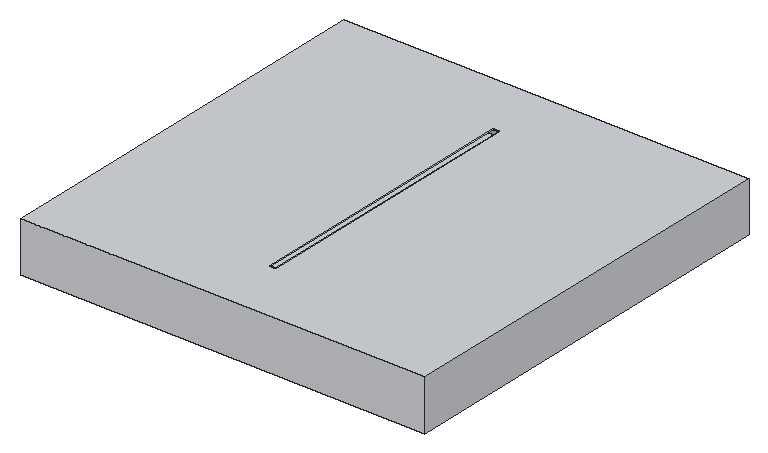
Revit family "LAMP_FIL 35 1680MM OPAL TRIMLESS", category Luminarias, Revit 2018
Family settings
  Anfitrión = Cara
  Cota de conector redondo = Diámetro de uso
  Tipo de pieza = Normal
  Corte con vacíos al cargar = No
  Origen de luz = Sí
  Compartido = No
  Punto de cálculo de habitación = No
Parameters (values of type "1733LM 3000K  WHITE")
  Ángulo de inclinación = -90.00°
  Weight = 4.00 kg
  Wattage = 17.1 W
  Type = "MID POWER TRIDONIC"
  built-in parameter 1150107 = 3000 (stored number, unit not read)
  Recessed dimensions = "1687x52x0"
  built-in parameter 1150110 = 1 (stored number, unit not read)
  built-in parameter 1150109 = 1 (stored number, unit not read)
  built-in parameter 1150112 = 1 (stored number, unit not read)
  built-in parameter 1150113 = 1 (stored number, unit not read)
  built-in parameter 1114218 = 1 (stored number, unit not read)
  Protection rating = "IP20 / IK07"
  Product datasheet = "http://www.lamp.es/product-files/TECH/F31TR168LOOP830NW-EN.pdf"
  Product code = "F31TR168LOOP830NW"
  Product URL = "https://www.lamp.es/en/family/fil-35_413911"
  Power Supply = "220-240V 50/60Hz"
  Power = 16 W
  Plum = 17.1 W
  Photobiological risk = ""
  NOT COVER 2 [instance] = not(END COVER 2)  # no
  NOT COVER 1 [instance] = not(END COVER 1)  # no
  built-in parameter 1150137 = (empty or 0)
  built-in parameter 1150132 = 2
  Modelo = Product code  # "F31TR168LOOP830NW"
  Model Explanation = ""
  Material suspension = LAMP_Acero genérico
  Material perfil = LAMP_Aluminio Perfil Fil BL
  Material difusor = LAMP_PC Difusor Opal Fil
  Manufacturer name = "LAMP"
  Manufacturer country = "Spain"
  Manufacturer URL = "http://www.lamp.es/en"
  MacAdam = "3"
  Longitud de línea de emisión = 1680 mm
  Last update = "07/05/2021"
  Lamp = "MID-POWER LED"
  LED Lifetime = "50.000 L90 B10"
  built-in parameter 1150105 = 684.49 (stored number, unit not read)
  built-in parameter 1150102 = (empty or 0)
  Insulation class = "I"
  Installation instructions = "https://www.lamp.es/product-files/INS/1004590-A%20INSTR.%20FIL35.pdf"
  built-in parameter 1150106 = 6.8449 (stored number, unit not read)
  IEE = "A+"
  Gear = "Electronic"
  Lumens = 1732.23 lm
  Finish = "Matte white RAL 9010"
  Color Filter = 16777215
  built-in parameter 1114217 = 1 (stored number, unit not read)
  built-in parameter 1150139 = (empty or 0)
  Fabricante = Manufacturer name  # "LAMP"
  Default Elevation = 1219.2 mm
  built-in parameter 1150104 = 9.4111 (stored number, unit not read)
  Efficacy = 101.3 lm/W
  END COVER 2 [instance] = yes
  END COVER 1 [instance] = yes
  Dimensions = "1680x51x76"
  Descripción = "FIL35 TRIM 1680 2400 WW OPAL WH."
  built-in parameter 1150115 = 1 (stored number, unit not read)
  built-in parameter 1150114 = 1 (stored number, unit not read)
  built-in parameter 1150138 = (empty or 0)
  built-in parameter 1150134 = 3
  Dimming Lamp Color Temperature Shift = (empty or 0)
  CRI = "80"
  Archivo de red fotométrica = "F31TR168LOOP830NW.IES"
  built-in parameter 1150133 = 10 (stored number, unit not read)
Types (4, lengths in mm): name | built-in parameter 1150107 | Product datasheet | Product code | Modelo | built-in parameter 1150105 | built-in parameter 1150106 | Lumens | built-in parameter 1150104 | Efficacy | Descripción | Archivo de red fotométrica
  1733LM 3000K DALI WHITE | 3000 (stored number, unit not read) | "http://www.lamp.es/product-files/TECH/F31TR168LOOP830DW-EN.pdf" | "F31TR168LOOP830DW" | "F31TR168LOOP830DW" | 684.49 (stored number, unit not read) | 6.8449 (stored number, unit not read) | 1732.23 lm | 9.4111 (stored number, unit not read) | 101.3 lm/W | "FIL35 TRIM 1680 2400 WW OPAL DALI WH." | "F31TR168LOOP830nW.IES"
  1733LM 3000K  WHITE | 3000 (stored number, unit not read) | "http://www.lamp.es/product-files/TECH/F31TR168LOOP830NW-EN.pdf" | "F31TR168LOOP830NW" | "F31TR168LOOP830NW" | 684.49 (stored number, unit not read) | 6.8449 (stored number, unit not read) | 1732.23 lm | 9.4111 (stored number, unit not read) | 101.3 lm/W | "FIL35 TRIM 1680 2400 WW OPAL WH." | "F31TR168LOOP830NW.IES"
  1824LM 4000K DALI WHITE | 4000 (stored number, unit not read) | "http://www.lamp.es/product-files/TECH/F31TR168LOOP840DW-EN.pdf" | "F31TR168LOOP840DW" | "F31TR168LOOP840DW" | 720.98 (stored number, unit not read) | 7.2098 (stored number, unit not read) | 1824.57 lm | 9.9128 (stored number, unit not read) | 106.7 lm/W | "FIL35 TRIM 1680 2400 NW OPAL DALI WH." | "F31TR168LOOP840nW.IES"
  1824LM 4000K  WHITE | 4000 (stored number, unit not read) | "http://www.lamp.es/product-files/TECH/F31TR168LOOP840NW-EN.pdf" | "F31TR168LOOP840NW" | "F31TR168LOOP840NW" | 720.98 (stored number, unit not read) | 7.2098 (stored number, unit not read) | 1824.57 lm | 9.9128 (stored number, unit not read) | 106.7 lm/W | "FIL35 TRIM 1680 2400 NW OPAL WH." | "F31TR168LOOP840NW.IES"
Reference planes
  plane 1 "Centro (Frontal/Posterior)": y = 0
  plane 2: z = 0
  plane 3 "Centro (Izquierda/Derecha)": x = 0
Forms (mm)
  Extrusion 1, solid
    sketch origin (0, 0, 0) x (1, 0, 0) y (0, 1, 0)
      loop
        line (-1219.2, 1219.2) -> (-1219.2, -1219.2) -> (1219.2, -1219.2) -> (1219.2, 1219.2) -> (-1219.2, 1219.2)
    from 0 to -304.8
  Extrusion 2, solid, material "LAMP_Aluminio Perfil Fil BL" <- "Material perfil"
    sketch origin (0, 0, -281.8) x (1, 0, 0) y (0, 0, 1)
      loop
        line (-17.5, 205.82) -> (0, 205.82) -> (17.5, 205.82) -> (17.5, 270.3) -> (25.5, 270.3) -> (25.5, 271.8) -> (17.5, 271.8) -> (17.5, 280.8) -> (16.5, 281.8) -> (16.5, 259) -> (0, 259) -> (-16.5, 259) -> (-16.5, 281.8) -> (-17.5, 280.8) -> (-17.5, 271.8) -> (-25.5, 271.8) -> (-25.5, 270.3) -> (-17.5, 270.3) -> (-17.5, 205.82)
    from -840 to 840
  Extrusion 3, solid, material "LAMP_PC Difusor Opal Fil" <- "Material difusor"
    sketch origin (0, 0, -283) x (1, 0, 0) y (0, 0, 1)
      loop
        line (-16.5, 283) -> (-16.5, 281.8) -> (16.5, 281.8) -> (16.5, 283) -> (-16.5, 283)
    from -840 to 840
Text (mm)
  text "Any modification of the parameters and properties of the LAMP BIM models must be executed and validated by the LAMP technical department.\nPhone: +34 93 736 68 00\nE-mail: lamp@lamp.es\n\nLAMP reserves the right to modify the technical specifications of its products." at (3132.481, 5298.258, -2877.568), in view "Preview"
Dimensions and locks
  aligned and locked: plane 2 to Extrusion 1
  aligned and locked: level to Extrusion 1
Nested families
  nested 1: "LAMP_FIL 35 END COVER TRIMLESS" at (0, -841, -76), visible <- "END COVER 1", type "Blanco"
  nested 2: "LAMP_FIL 35 END COVER TRIMLESS" at (0, 841, -76), visible <- "END COVER 2", type "Blanco"
Connectors
  electrical at (0, 0, -75.3)
    settings: on Extrusion 2, index 1, voltage 230 V, apparent load 0 VA, apparent load phase1 0 VA, apparent load phase2 0 VA, apparent load phase3 0 VA, power factor 1, load classification "Otro", number of poles 1, system type 31, power factor state 1, is connector primary yes, connector utility no, sub classification motor no, connector description ""
Definition of nested family "LAMP_FIL 35 END COVER TRIMLESS"
  Parameters (values of type "Blanco")
    Material tapa = none
  Reference planes
    plane 1 "Centro (Frontal/Posterior)": y = 0
    plane 2: z = 0
    plane 3 "Centro (Izquierda/Derecha)": x = 0
  Forms (mm)
    Extrusion 1, solid, material <- "Material tapa"
      sketch origin (0, 0, 0) x (0, -1, 0) y (0, 0, 1)
        loop
          line (0, 0) -> (1, 0) -> (1, 76) -> (-1, 76) -> (-1, 0) -> (0, 0)
      from -17.5 to 17.5
    Extrusion 2, void
      sketch origin (-1, 0, 65.55) x (1, 0, 0) y (0, 0, 1)
        loop
          line (18.5, 0) -> (18.5, 10.45) -> (17.5, 10.45) -> (17.5, 0) -> (18.5, 0)
      from -23.5 to 23.5
    Extrusion 3, void
      sketch origin (1, 0, 65.55) x (-1, 0, 0) y (0, 0, -1)
        loop
          line (18.5, 0) -> (17.5, 0) -> (17.5, -10.45) -> (18.5, -10.45) -> (18.5, 0)
      from -23.5 to 23.5
  Cuts and joins
    Extrusion 2, Extrusion 3 cuts Extrusion 1
  Dimensions and locks
    aligned and locked: level to plane 2
